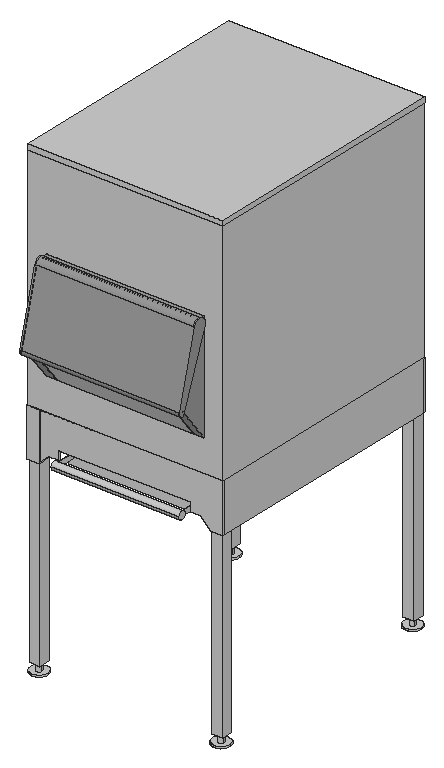
Revit family "QF_HOSHIZAKI_ITS700NS-31", category Specialty Equipment, Revit 2016
Family settings
  Part Type = Normal
  Round Connector Dimension = Use Diameter
  OmniClass Number = 23.40.40.14
  OmniClass Title = Food Service Equipment
  Work Plane-Based = No
  Always vertical = Yes
  Cut with Voids When Loaded = No
  Shared = No
  Room Calculation Point = No
Parameters (values of type "ITS700NS-31")
  Weight = 187.00 kg
  URL Cutsheet = ""
  URL = "www.hoshizaki-europe.com"
  Status [instance] = ""
  Specification by User [instance] = ""
  Specification by Manufacturer [instance] = ""
  Serial Number = ""
  Seismic Rating = ""
  SMACNA No = ""
  Revision Code [instance] = ""
  NAFEM Spec ID Number = ""
  Model = "ITS700NS-31"
  Masterspec = ""
  Manufacturer = "HOSHIZAKI"
  Length Actual = 787 mm
  Item Number [instance] = ""
  Installed By [instance] = ""
  Identify Quantity as Lot [instance] = no
  Height Actual = 1905 mm
  Furnished By [instance] = ""
  Foodservice Equipment Identifier [instance] = yes
  Description = "ICE TRANSPORT SYSTEM, 296KG BIN CAPACITY, SINGLE CART"
  Depth Actual = 1016 mm
  Cost = 0
  CSI MasterFormat = ""
  Assembly Code = "E1090320"
  Accessory = no
Reference planes
  plane 1 "Center (Front/Back)": y = 0
  plane 2: z = 0
  plane 3 "Center (Left/Right)": x = 0
Dimensions and locks
  aligned and locked: level to plane 2
Nested families
  nested 1: "QF_HOSHIZAKI_ITS700NS-31" at (0, 0, 0), type "ITS700NS-31"
    with Show Clearance yes
Definition of nested family "QF_HOSHIZAKI_ITS700NS-31"
  Parameters (values of type "ITS700NS-31")
    URL = "www.hoshizaki-europe.com"
    Show Clearance [instance] = yes
    Model = "ITS700NS-31"
    Manufacturer = "HOSHIZAKI"
    Description = "ICE TRANSPORT SYSTEM, 296KG BIN CAPACITY, SINGLE CART"
    Assembly Code = "E1090320"
  Reference planes
    plane 1 "Back": y = 0
    plane 2: z = 0
    plane 3 "Left": x = 0
    plane 4 "Right": x = 787
    plane 5 "Front": y = -1016
    plane 6 "Top": z = 1905
  Forms (mm)
    Extrusion 1, solid
      sketch origin (44.953, -123.309, 1885) x (1, 0, 0) y (0, 1, 0)
        loop
          line (-44.453, -892.691) -> (741.547, -892.691) -> (741.547, 123.309) -> (-44.453, 123.309) -> (-44.453, -892.691)
      from 0 to 20
    Extrusion 2, solid
      sketch origin (0, 0, 0) x (1, 0, 0) y (0, 1, 0)
        loop
          line (2.5, -2) -> (2.5, -1014) -> (77.5, -1014) -> (77.5, -1004) -> (12.5, -1004) -> (12.5, -12) -> (774.5, -12) -> (774.5, -1004) -> (709.5, -1004) -> (709.5, -1014) -> (784.5, -1014) -> (784.5, -2) -> (2.5, -2)
      from 1885 to 965
    Extrusion 3, solid
      sketch origin (0, 0, 1672) x (1, 0, 0) y (0, 1, 0)
        loop
          line (77.5, -1004) -> (77.5, -1014) -> (709.5, -1014) -> (709.5, -1004) -> (77.5, -1004)
      from -137 to 213
    Extrusion 4, solid
      sketch origin (0, 0, 965) x (1, 0, 0) y (0, 1, 0)
        loop
          line (77.5, -1004) -> (77.5, -1014) -> (709.5, -1014) -> (709.5, -1004) -> (77.5, -1004)
      from 0 to 128.51
    Extrusion 5, solid
      sketch origin (0, 0, 965) x (1, 0, 0) y (0, 1, 0)
        loop
          line (12.5, -12) -> (12.5, -1004) -> (774.5, -1004) -> (774.5, -12) -> (12.5, -12)
      from 0 to 10
    Extrusion 6, solid
      sketch origin (0, 0, 35) x (1, 0, 0) y (0, 1, 0)
        loop
          line (5, -1011) -> (48.5, -1011) -> (48.5, -968) -> (5, -968) -> (5, -1011)
        loop
          line (738.5, -1011) -> (782, -1011) -> (782, -968) -> (738.5, -968) -> (738.5, -1011)
        loop
          line (5, -48) -> (48.5, -48) -> (48.5, -5) -> (5, -5) -> (5, -48)
        loop
          line (738.5, -48) -> (782, -48) -> (782, -5) -> (738.5, -5) -> (738.5, -48)
      from 0 to 930
    Extrusion 7, solid
      sketch origin (0, -1011, 190) x (1, 0, 0) y (0, 0, 1)
        loop
          line (88.5, 619) -> (128.5, 619) -> (128.5, 654) -> (658.5, 654) -> (658.5, 619) -> (698.5, 619) -> (738.5, 579) -> (787, 579) -> (787, 775) -> (0, 775) -> (0, 579) -> (48.5, 579) -> (88.5, 619)
      from 0 to 5
    Extrusion 8, solid
      sketch origin (0, 0, 190) x (1, 0, 0) y (0, 0, 1)
        loop
          line (88.5, 619) -> (128.5, 619) -> (128.5, 654) -> (658.5, 654) -> (658.5, 619) -> (698.5, 619) -> (738.5, 579) -> (787, 579) -> (787, 775) -> (0, 775) -> (0, 579) -> (48.5, 579) -> (88.5, 619)
      from 0 to 5
    Extrusion 9, solid
      sketch origin (0, 0, 190) x (0, 1, 0) y (0, 0, 1)
        loop
          line (-5, 579) -> (-5, 775) -> (-1011, 775) -> (-1011, 579) -> (-5, 579)
      from 0 to 5
    Extrusion 10, solid
      sketch origin (782, 0, 190) x (0, 1, 0) y (0, 0, 1)
        loop
          line (-5, 579) -> (-5, 775) -> (-1011, 775) -> (-1011, 579) -> (-5, 579)
      from 0 to 5
    Extrusion 11, solid
      sketch origin (0, 0, 0) x (1, 0, 0) y (0, 1, 0)
        loop
          circle (760.25, -989.5) r 35
        loop
          circle (26.75, -989.5) r 35
        loop
          circle (760.25, -26.5) r 35
        loop
          circle (26.75, -26.5) r 35
      from 0 to 5
    Extrusion 12, solid
      sketch origin (0, 0, 0) x (1, 0, 0) y (0, 1, 0)
        loop
          circle (26.75, -989.5) r 10
        loop
          circle (760.25, -989.5) r 10
        loop
          circle (26.75, -26.5) r 10
        loop
          circle (760.25, -26.5) r 10
      from 5 to 35
    Extrusion 13, solid
      sketch origin (0, 0, 190) x (1, 0, 0) y (0, 0, 1)
        loop
          line (130.5, 652) -> (130.5, 585.5) -> (656.5, 585.5) -> (656.5, 652) -> (130.5, 652)
      from 968 to 5
    Extrusion 14, solid
      sketch origin (143, 0, 190) x (0, 1, 0) y (0, 0, 1)
        loop
          line (-968, 628.75) -> (-1039.48, 628.75)
          arc (-1039.48, 628.75) -> (-1035.669, 618.75) -> (-1039.48, 608.75) r 15.027
          line (-1039.48, 608.75) -> (-968, 608.75) -> (-968, 628.75)
      from 0 to 2
    Extrusion 15, solid
      sketch origin (644, 0, 190) x (0, 1, 0) y (0, 0, -1)
        loop
          line (-968, -628.75) -> (-968, -608.75) -> (-1039.48, -608.75)
          arc (-1039.48, -608.75) -> (-1035.669, -618.75) -> (-1039.48, -628.75) r 15.027
          line (-1039.48, -628.75) -> (-968, -628.75)
      from 0 to 2
    Extrusion 16, solid
      sketch origin (0, 6.277, 190.666) x (0, 1, 0) y (0, 0, 1)
        loop
          circle (-1056.946, 618.084) r 15
      from 136.522 to 650.901
    Extrusion 17, solid, visible <- "Show Clearance", detail levels coarse
      sketch origin (0, 0, 0) x (0, 1, 0) y (0, 0, 1)
        loop
          line (-1016, 0) -> (-1016, 965) -> (-1847, 965) -> (-1847, 0) -> (-1016, 0)
      from 0 to 787
    Extrusion 18, solid
      sketch origin (77.5, 0, 0) x (0, 1, 0) y (0, 0, 1)
        loop
          line (-1014, 1093.51) -> (-1014, 1535) -> (-1132.357, 1245) -> (-1014, 1093.51)
      from 0 to 40
    Extrusion 19, solid
      sketch origin (669.5, 0, 0) x (0, 1, 0) y (0, 0, 1)
        loop
          line (-1014, 1093.51) -> (-1014, 1535) -> (-1132.357, 1245) -> (-1014, 1093.51)
      from 0 to 40
    Extrusion 20, solid
      sketch origin (72, 227.247, 356.13) x (0, 0.987211, 0.159421) y (0, -0.159421, 0.987211)
        loop
          arc (-1210.882, 1091.777) -> (-1210.474, 1078.588) -> (-1201.352, 1069.054) r 18.424
          line (-1201.352, 1069.054) -> (-1043.475, 1332.118)
          arc (-1043.475, 1332.118) -> (-1043.138, 1348.035) -> (-1051.352, 1361.674) r 28.644
          arc (-1051.352, 1361.674) -> (-1074.075, 1368.057) -> (-1092.536, 1353.35) r 25.892
          line (-1092.536, 1353.35) -> (-1210.882, 1091.777)
      from 0 to 5
    Extrusion 21, solid
      sketch origin (0, 0, 0) x (0, 1, 0) y (0, 0, 1)
        loop
          line (-1014, 1093.51) -> (-1004, 1093.51) -> (-1004, 1136.665) -> (-1014, 1136.665) -> (-1119.998, 1272.336) -> (-1132.357, 1245) -> (-1014, 1093.51)
      from 117.5 to 669.5
    Extrusion 22, solid
      sketch origin (71.5, 227.247, 356.13) x (0, 0.987211, 0.159421) y (0, -0.159421, 0.987211)
        loop
          line (-1206.656, 1091.662) -> (-1089.452, 1350.126)
          arc (-1089.452, 1350.126) -> (-1063.619, 1362.073) -> (-1048.015, 1338.271) r 21.785
          line (-1048.015, 1338.271) -> (-1037.435, 1361.674) -> (-1051.352, 1361.674)
          arc (-1051.352, 1361.674) -> (-1074.075, 1368.057) -> (-1092.536, 1353.35) r 25.892
          line (-1092.536, 1353.35) -> (-1210.882, 1091.777)
          arc (-1210.882, 1091.777) -> (-1210.474, 1078.588) -> (-1201.352, 1069.054) r 18.424
          line (-1201.352, 1069.054) -> (-1198.952, 1073.412)
          arc (-1198.952, 1073.412) -> (-1205.971, 1081.2) -> (-1206.656, 1091.662) r 15.987
      from 638.647 to 5.5
    Extrusion 23, solid, visible <- "Show Clearance", detail levels coarse
      sketch origin (0, 0, 0) x (0, 1, 0) y (0, 0, 1)
        loop
          line (-1014, 1535) -> (-1014, 1794.099)
          arc (-1014, 1794.099) -> (-1294.855, 1567.331) -> (-1132.357, 1245) r 287.305
          line (-1132.357, 1245) -> (-1014, 1535)
      from 72 to 715.147
    Extrusion 24, solid
      sketch origin (710.147, 227.247, 356.13) x (0, 0.987211, 0.159421) y (0, -0.159421, 0.987211)
        loop
          arc (-1210.882, 1091.777) -> (-1210.474, 1078.588) -> (-1201.352, 1069.054) r 18.424
          line (-1201.352, 1069.054) -> (-1043.475, 1332.118)
          arc (-1043.475, 1332.118) -> (-1043.138, 1348.035) -> (-1051.352, 1361.674) r 28.644
          arc (-1051.352, 1361.674) -> (-1074.075, 1368.057) -> (-1092.536, 1353.35) r 25.892
          line (-1092.536, 1353.35) -> (-1210.882, 1091.777)
      from 0 to 5
  Cuts and joins
    joined: Extrusion 2, Extrusion 3, Extrusion 4
    joined: Extrusion 20, Extrusion 22, Extrusion 24
  Lines and regions (mm)
    symbolic lines, visible <- "Show Clearance"
      curve 1: line (0, -1847, 0) -> (787, -1847, 0)
      curve 2: line (787, -1847, 0) -> (787, -1016, 0)
      curve 3: line (0, -1016, 0) -> (0, -1847, 0)
    symbolic lines
      curve 4: line (0, 0, 0) -> (787, 0, 0)
      curve 5: line (0, -1016, 0) -> (0, 0, 0)
      curve 6: line (787, -1016, 0) -> (0, -1016, 0)
      curve 7: line (787, 0, 0) -> (787, -1016, 0)
      curve 8: arc (0, -1012.071, 0) -> (-8.25, -989.5, 0) -> (0, -966.929, 0) r 35
      curve 9: arc (3.886, -1016, 0) -> (26.75, -1024.5, 0) -> (49.614, -1016, 0) r 35
      curve 10: arc (0, -3.929, 0) -> (-8.25, -26.5, 0) -> (0, -49.071, 0) r 35
      curve 11: arc (3.886, 0, 0) -> (26.75, 8.5, 0) -> (49.614, 0, 0) r 35
      curve 12: arc (783.114, 0, 0) -> (760.25, 8.5, 0) -> (737.386, 0, 0) r 35
      curve 13: arc (787, -49.071, 0) -> (795.358, -27.035, 0) -> (787, -5, 0) r 33.226
      curve 14: arc (787, -1012.071, 0) -> (795.25, -989.5, 0) -> (787, -966.929, 0) r 35
      curve 15: arc (737.386, -1016, 0) -> (760.25, -1024.5, 0) -> (783.114, -1016, 0) r 35
      curve 16: line (72, -1142.202, 0) -> (72, -1016, 0)
      curve 17: line (72, -1142.202, 0) -> (715.147, -1142.202, 0)
      curve 18: line (715.147, -1142.202, 0) -> (715.147, -1016, 0)
  Dimensions and locks
    aligned and locked: level to plane 2
